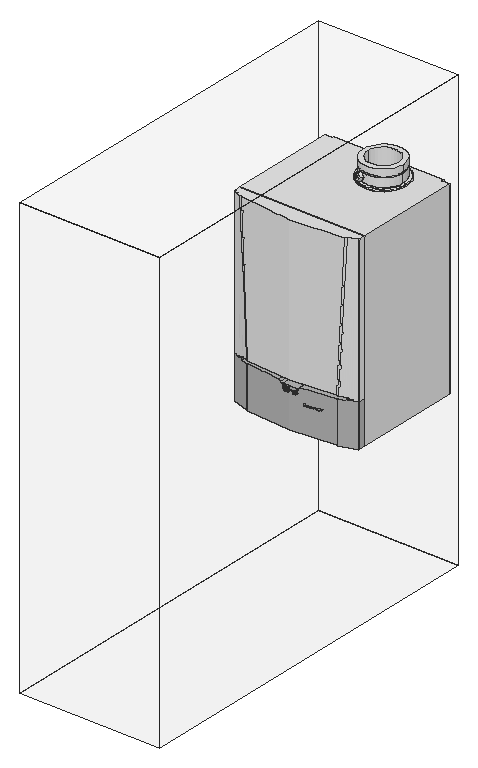
Revit family "Remeha_QuintaPro90_LOD-5", category Mechanical Equipment, Revit 2015
Parameters (values of type "Quinta Pro 90")
  Weekly = "0"
  Water Treatment Required = yes
  Water Content = 9.4 L
  Warranty ID = ""
  Voltage = 230 V
  Uniclass2015 = ""
  URL = "http://www.remeha.co.uk"
  Type Comments = ""
  Type = "Space heating"
  Turndown Ratio = "5.89:1"
  Supply Phase = 1
  Starting Current = 0 A
  Sound Pressure Level = "52 dBA"
  Shipping Weight = 72.00 kg
  Shape = "Rectangular (Vertical)"
  Safety Valve Connection Type = "Unset"
  Safety Valve Connection Size = 0.000 mm
  Responsible Sourcing of Materials = "0"
  Responsible Extraction of Materials = "0"
  Reference Standard = "2009/142EC 92/42EEC"
  Rated Output = 84200 W
  Rated Criteria = "80/60"
  Quarterly = "0"
  Product Range = "Quinta Pro 90"
  Product Model Number = "90554"
  Product Literature = "https://www.remeha.co.uk/en/Products/Wall-Hung-Range/Quinta-Pro"
  Primary Fuel = "Gas - NG"
  Overall Width = 500.000 mm
  Overall Length = 500.000 mm
  Overall Height = 750.000 mm
  Optional Fuel = "Gas - LPG"
  Operation and Maintenance Manual = "https://www.remeha.co.uk/en/Products/Wall-Hung-Range/Quinta-Pro"
  Oil Consumption rate = 0
  Nominal Oil Inlet Pressure = 0.00 bar
  Nominal Gas Inlet Pressure = 0.02 bar
  NOx Emissions = "29 mg/kWh"
  Mounting = "Wall Mounted"
  Monthly = "0"
  Model = "Quinta Pro 90"
  Minimum Power Consumption = 4 W
  Minimum Operating Pressure = 0.80 bar
  Minimum Oil Inlet Pressure = 0.00 bar
  Minimum Gas Inlet Pressure = 0.017 bar
  Minimum Flow Rate at 20C temperature differential = 1.01 L/s
  Minimum Flow Rate at 11C temperature differential = 1.83 L/s
  Maximum Power Consumption = 125 W
  Maximum Operating Pressure = 4.00 bar
  Maximum Oil Inlet Pressure = 0.00 bar
  Maximum Gas Inlet Pressure = 0.025 bar
  Material Ingredient Reporting = "0"
  Manufacturer Website = "http://www.remeha.co.uk/"
  Manufacturer = "Remeha Commercial"  # constant formula
  Maintenance Required 8001 to 12000hrs = "0"
  Maintenance Required 601 to 1000hrs = "0"
  Maintenance Required 4001 to 8000hrs = "0"
  Maintenance Required 301 to 600hrs = "0"
  Maintenance Required 2001 to 4000hrs = "0"
  Maintenance Required 1001 to 2000hrs = "0"
  Maintenance Required 0 to 300hrs = "0"
  Location of Manufacturer = "0"
  Life Cycle Analysis = "0"
  Keynote = "Flue Connection size can vary between 100/150 concentric."
  Interlocks = yes
  IfcExportType = "NOTDEFINED"  # constant formula
  IfcExportAs = "IfcBoilerType"  # constant formula
  IP Rating = "X4D"
  IK Rating = "0"
  Hydraulic Resistance at 20C temperature differential = 0.14 bar
  Hydraulic Resistance at 11C temperature differential = 0.463 bar
  Heater Operation = "Condensing"
  Heat Exchanger Material = "Aluminium"
  Gross Weight = 76.40 kg
  Green Guide for Specification = "0"
  Gas Consumption rate = "9.1 m3/h"
  Fuse Rating = 6.3 A
  Full Load Current = 0 A
  Fuel Connection Type = "Threaded"
  Fuel Connection Size = 20.000 mm
  Frequency = 50 Hz
  Flue or Air Intake Classification = "B23,B23P,B33,C13,C33,C43,C53,C63,C83,C93"
  Flue Connection size = 100.000 mm
  Flow and Return Connection Type = "Threaded"
  Flow and Return Connection Size = 32.000 mm
  Finish = "High Polish Gardner 60 GRAD 91EH"
  Features = "Remeha's Quinta Pro range are compact high efficiency wall hung condensing boilers. Lighter and more efficienct, their small size make them ideally suited to modular arrangments"
  External Material = "Steel"
  Expected Life = "15"
  ErP Seasonal Efficiency = "0 %"
  ErP Rated Efficiency at Part Load = "97.4 %"
  ErP Rated Efficiency at Full Load = "88.2 %"
  ErP Energy Label = "0"
  Environmental Product Declaration = "0"
  Energy Technology List = "https://etl.beis.gov.uk/engetl/fox/live/ETL_PUBLIC_PRODUCT_SEARCH/product?PROD_ID=71700"
  Embodied Carbon = "0"
  Drain Connection Type = "Unset"
  Drain Connection Size = 0.000 mm
  Description = "Condensing Boiler"  # constant formula
  Default Elevation = 0.000 mm  # constant formula
  Daily = "0"
  Control Type = "0 - 10V, Open Therm, Volt free enable, Direct boiler weather compensating control systems available from Remeha as optional extra's."
  Configuration = "Single boiler"
  Condensate Drain Type = "Plain"
  Condensate Drain Size = 32.000 mm
  Colour = "RAL 9016"
  Clearance Box Visibility [instance] = yes
  Classification.Uniclass.Pr.Number [instance] = "Pr_60_60_08_34"
  Classification.Uniclass.Pr.Description [instance] = "Gas fired Condensing Boilers"
  CE Mark = "0063CL3333"
  Burner Control Type = "Modulating"
  Building Regulations Seasonal Efficiency = "95.65 %"
  Bespoke Timeframe = "0"
  BMS Links = yes
  Assembly Code = "D3020100"
  Annually = "As per attached URL O & M Manual"
  Air Inlet Connection Size = 150.000 mm
  Additional Technical Details = "https://www.remeha.co.uk/en/Products/Wall-Hung-Range/Quinta-Pro"
  Access Clearance Top = 400.000 mm
  Access Clearance Right = 30.000 mm
  Access Clearance Rear = 0.000 mm
  Access Clearance Left = 30.000 mm
  Access Clearance Front = 1000.000 mm
  Access Clearance Bottom = 600.000 mm
  6 Monthly = "0"
Reference planes
  plane 1 "Center (Front/Back)": y = 0
  plane 2: z = 0
  plane 3 "Center (Left/Right)": x = 0
  plane 4: x = -250
  plane 5: x = 250
  plane 6: y = 250
  plane 7: y = -250
  plane 8: z = 1364.999
  plane 9: y = -1250
  plane 10: x = -280
  plane 11: x = 280
  plane 12: z = 1764.999
  plane 13: z = 0
  plane 14: z = 608.649
  plane 15: z = 614.999
  plane 16: y = 250
  plane 17: z = 600
Forms (mm)
  Sweep 1, solid, material "Glass - Clear - Amber", visible <- "Clearance Box Visibility"
    path origin (0, 0, 240) x (1, 0, 0) y (0, 0, 1)
      loop
        line (0, 1524.999) -> (0, -240)
    profile origin (0, 0, 882.5) x (0, -1, 0) y (1, 0, 0)
      loop
        line (-250, -280) -> (1250, -280) -> (1250, 280) -> (-250, 280) -> (-250, -280)
Dimensions and locks
  equal spacing: plane 4, plane 3 "Center (Left/Right)", plane 5
  plane 4 to plane 5 = 500.000 mm
  equal spacing: plane 7, plane 1 "Center (Front/Back)", plane 6
  plane 7 to plane 6 = 500.000 mm
  plane 7 to plane 9 = 1000.000 mm
  plane 10 to plane 4 = 30.000 mm
  plane 5 to plane 11 = 30.000 mm
  plane 12 to plane 8 = 400.000 mm
  locked: plane 15 to plane 14 at 6.35
  plane 8 to plane 15 = 750.000 mm
  plane 16 to plane 6 = 0.000 mm
  locked: plane 15 to plane 17 at 14.999
  plane 17 to level = 600.000 mm
  aligned and locked: level to plane 2
  aligned and locked: plane 3 "Center (Left/Right)" to nested 1
  aligned and locked: plane 1 "Center (Front/Back)" to nested 1
  aligned and locked: Sweep 1 sketch curve to plane 3 "Center (Left/Right)"
  aligned and locked: plane 12 to Sweep 1 sketch curve
  aligned and locked: plane 13 to Sweep 1 sketch curve
  aligned and locked: plane 16 to Sweep 1 sketch curve
  aligned and locked: plane 10 to Sweep 1 sketch curve
  aligned and locked: Sweep 1 sketch curve to plane 11
  aligned and locked: plane 9 to Sweep 1 sketch curve
  aligned and locked: plane 8 to nested 1
Nested families
  nested 1: "Quinta-Pro_30-115" at (0, 0, 600), type "Quinta-Pro_30-115"
Connectors
  piping at (23.524, 63.109, 1391.639), diameter 21.83
    settings: on nested 1, index 2, connector inside diameter 21.830 mm, connector length 0.000 mm, flow factor 0, pipe flow 0 L/s, pressure drop 0.00 Pa, fitting loss kfactor 0, connector angle 0.00°, fixture units 0, engagement length 0.000 mm, angle of deflection 0.00°, flow configuration 0, flow direction 2, fitting loss method 0, system type 22, joint type 0, gender type 0, connector reference index -1, connector utility 0, adjustable connector no, is connector primary yes, connector description "Outlet For Measuring Combustion Gases"
  electrical at (250, 100.992, 986.824)
    settings: on nested 1, index 3, voltage 230 V, apparent load 0 VA, apparent load phase1 0 VA, apparent load phase2 0 VA, apparent load phase3 0 VA, power factor 1, load classification "Power", number of poles 1, system type 30, power factor state 1, is connector primary yes, connector utility yes, sub classification motor yes, connector description "Power"
  piping at (-115, 200, 605.931), diameter 31.75
    settings: on nested 1, index 4, connector inside diameter 31.750 mm, connector length 0.000 mm, flow factor 0, pipe flow 0 L/s, pressure drop 0.00 Pa, fitting loss kfactor 0, connector angle 0.00°, fixture units 0, engagement length 0.000 mm, angle of deflection 0.00°, flow configuration 0, flow direction 2, fitting loss method 0, system type 19, joint type 0, gender type 0, connector reference index -1, connector utility 1, adjustable connector no, is connector primary no, connector description "Heating Circuit Return"
  piping at (59, 200, 605.931), diameter 19
    settings: on nested 1, index 5, connector inside diameter 19.000 mm, connector length 0.000 mm, flow factor 0, pipe flow 0 L/s, pressure drop 0.00 Pa, fitting loss kfactor 0, connector angle 0.00°, fixture units 0, engagement length 0.000 mm, angle of deflection 0.00°, flow configuration 0, flow direction 2, fitting loss method 0, system type 16, joint type 0, gender type 0, connector reference index -1, connector utility 1, adjustable connector no, is connector primary no, connector description "Siphon Connection Bush"
  piping at (120, 200, 605.931), diameter 31.75
    settings: on nested 1, index 6, connector inside diameter 31.750 mm, connector length 0.000 mm, flow factor 0, pipe flow 0 L/s, pressure drop 0.00 Pa, fitting loss kfactor 0, connector angle 0.00°, fixture units 0, engagement length 0.000 mm, angle of deflection 0.00°, flow configuration 0, flow direction 1, fitting loss method 0, system type 7, joint type 0, gender type 0, connector reference index -1, connector utility 1, adjustable connector no, is connector primary no, connector description "Heating Circuit Flow"
  piping at (200, 200, 605.931), diameter 19
    settings: on nested 1, index 7, connector inside diameter 19.000 mm, connector length 0.000 mm, flow factor 0, pipe flow 0 L/s, pressure drop 0.00 Pa, fitting loss kfactor 0, connector angle 0.00°, fixture units 0, engagement length 0.000 mm, angle of deflection 0.00°, flow configuration 0, flow direction 1, fitting loss method 0, system type 22, joint type 0, gender type 0, connector reference index -1, connector utility 1, adjustable connector no, is connector primary no, connector description "Gas Connection"
  hvac at (59, 150, 1437.229)
    settings: on nested 1, index 8, duct flow 0 m³/h, flow factor 0, pres drop 0.00 bar, loss coef 0, conn angle 0.00°, conn width 12", conn height 12", conn diameter 6.29921", duct sys type 1, conn prof type 0, flow config 0, flow direction 1, loss method 0, conn ref index -1, conn util yes, is conn primary yes, conn desc "Air Intake Connection"
Definition of nested family "Quinta-Pro_30-115"
  Parameters
    Voltage = 230000 V  # constant formula
    URL = "http://www.remeha.co.uk"
    Type Comments = ""
    Text Material = none
    Siphon Connection Bush Offset = 191.000 mm  # constant formula
    Power Factor = 1
    Number of Poles = 1
    Model = "Quinta Pro"  # constant formula
    Manufacturer = ""
    Logo = none
    Load Sub-Classification Motor = yes
    Load Classification = none
    Keynote = ""
    Heating Circuit Return Offset = 365.000 mm  # constant formula
    Heating Circuit Return Connection Size = 31.750 mm  # constant formula
    Heating Circuit Return Connection Radius = Heating Circuit Return Connection Size / 2  # 15.875 mm
    Heating Circuit Flow Connection Size = 31.750 mm  # constant formula
    Heating Circuit Flow Offset = 130.000 mm  # constant formula
    Heating Circuit Flow Connection Radius = Heating Circuit Flow Connection Size / 2  # 15.875 mm
    Gas Connection Size = 19.050 mm  # constant formula
    Gas Connection Radius = Gas Connection Size / 2  # 9.525 mm
    Gas Connection Offset = 50.000 mm  # constant formula
    Description = "Wall-Hung Gas Condensing Boilers"  # constant formula
    Default Elevation = 1219.200 mm
    Cost = 0
    Combustion Gas Exhaust Pipe Size = 80.000 mm  # constant formula
    Combustion Gas Exhaust Pipe Radius = Combustion Gas Exhaust Pipe Size / 2  # 40.000 mm
    Casing = none
    Flue Gas Outlet Offset = 191.000 mm  # constant formula
    Instrument Box Panel = none
    Bolier Height = 750.000 mm  # constant formula
    Boiler Width = 500.000 mm  # constant formula
    Boiler Depth = 500.000 mm  # constant formula
    Assembly Code = ""
    Apparent Load = 0 VA
  Reference planes
    plane 1 "Center (Front/Back)": y = 0
    plane 2: z = 0
    plane 3 "Center (Left/Right)": x = 0
    plane 4 "Left": x = -250
    plane 5 "Right": x = 250
    plane 6 "Back": y = 250
    plane 7 "Front": y = -250
    plane 8: z = 764.999
    plane 9: z = 389.999
    plane 10: x = 59
    plane 11: y = -182.5
    plane 12: y = 244.5
    plane 13: z = 8.649
    plane 14: y = 150
    plane 15: z = 777.088
    plane 16: z = 758.649
    plane 17: z = 14.999
    plane 18: y = -148.4
    plane 19: x = -199.2
    plane 20: x = 199.2
    plane 21 "Gas Connection": x = 200
    plane 22 "Heating Circuit Flow": x = 120
    plane 23 "Siphon Connection Bush": x = 59
    plane 24 "Heating Circuit Return": x = -115
    plane 25 "Connection Center": y = 200
    plane 26: y = 91.011
    plane 27: y = 72.791
    plane 28: y = 70
  Forms (mm)
    Extrusion 1, solid, material <- "Casing"
      sketch origin (0, 0, 0) x (1, 0, 0) y (0, 1, 0)
        loop
          arc (250, 242.738) -> (249.484, 243.984) -> (248.238, 244.5) r 1.762
          line (248.238, 244.5) -> (220, 244.5) -> (220, 250) -> (-220, 250) -> (-220, 244.5) -> (-248.238, 244.5)
          arc (-248.238, 244.5) -> (-249.484, 243.984) -> (-250, 242.738) r 1.762
          line (-250, 242.738) -> (-250, -182.5) -> (-235, -182.5) -> (-235, 229.5) -> (-219, 229.5) -> (-219, 249) -> (219, 249) -> (219, 229.5) -> (235, 229.5) -> (235, -182.5) -> (250, -182.5) -> (250, 242.738)
      from 8.649 to 764.999
    Extrusion 2, solid, material <- "Casing"
      sketch origin (0, 0, 0) x (0, 1, 0) y (0, 0, 1)
        loop
          line (-99.375, 8.649) -> (-97.367, 6.256)
          arc (-97.367, 6.256) -> (-97.054, 6.016) -> (-96.67, 5.931) r 0.911
          line (-96.67, 5.931) -> (-76.196, 5.931) -> (-76.196, 0) -> (150, 0) -> (150, 8.649) -> (-99.375, 8.649)
      from -199.2 to 199.2
    Blend 3, solid, material <- "Instrument Box Panel"
      base sketch origin (0, 0, 0) x (1, 0, 0) y (0, 1, 0)
        loop
          arc (-250, -182.5) -> (-249.823, -195.637) -> (-249.594, -208.773) r 3295.839
          arc (-249.594, -208.773) -> (-249.292, -209.77) -> (-248.514, -210.463) r 1.923
          line (-248.514, -210.463) -> (-183.427, -232.262)
          arc (-183.427, -232.262) -> (-180.168, -233.196) -> (-176.84, -233.842) r 38.644
          arc (-176.84, -233.842) -> (0, -246.921) -> (176.84, -233.842) r 1202.062
          arc (176.84, -233.842) -> (180.168, -233.196) -> (183.427, -232.262) r 38.644
          line (183.427, -232.262) -> (248.514, -210.463)
          arc (248.514, -210.463) -> (249.292, -209.77) -> (249.594, -208.773) r 1.923
          arc (249.594, -208.773) -> (249.823, -195.637) -> (250, -182.5) r 3295.839
          line (250, -182.5) -> (-250, -182.5)
      top sketch origin (0, 0, 0) x (1, 0, 0) y (0, 1, 0)
        loop
          arc (-250, -182.5) -> (-249.823, -195.637) -> (-249.594, -208.773) r 3295.839
          arc (-249.594, -208.773) -> (-249.292, -209.77) -> (-248.514, -210.463) r 1.923
          line (-248.514, -210.463) -> (-183.427, -232.262)
          arc (-183.427, -232.262) -> (-180.168, -233.196) -> (-176.84, -233.842) r 38.644
          arc (-176.84, -233.842) -> (0, -246.921) -> (176.84, -233.842) r 1202.062
          arc (176.84, -233.842) -> (180.168, -233.196) -> (183.427, -232.262) r 38.644
          line (183.427, -232.262) -> (248.514, -210.463)
          arc (248.514, -210.463) -> (249.292, -209.77) -> (249.594, -208.773) r 1.923
          arc (249.594, -208.773) -> (249.823, -195.637) -> (250, -182.5) r 3295.839
          line (250, -182.5) -> (-250, -182.5)
      from 8.649 to 180.024
    Revolve 4, solid, material <- "Casing"
      sketch origin (-1.562, 19.372, 801.736) x (1, 0, 0) y (0, 0.97437, -0.224951)
        loop
          line (27.988, 75.935) -> (18.374, 55.317) -> (27.882, 50.883) -> (37.497, 71.501) -> (27.988, 75.935)
        loop
          line (17.023, 60.343) -> (12.543, 50.737) -> (24.634, 45.099) -> (25.144, 46.194) -> (13.507, 51.621) -> (17.264, 59.679) -> (18.196, 59.244) -> (17.091, 56.875) -> (17.881, 56.507) -> (19.197, 59.329) -> (17.023, 60.343)
        axis (25.087, 44.888) -> (37.497, 71.501)
      angle from 0 to 360
    Revolve 5, solid, material <- "Casing"
      sketch origin (0, 49.595, 777.088) x (0, -1, 0) y (1, 0, 0)
        loop
          arc (-105.594, 135.171) -> (-103.001, 135.318) -> (-100.405, 135.378) r 77.22
          line (-100.405, 135.378) -> (-100.405, 137.388)
          arc (-100.405, 137.388) -> (-103.302, 137.334) -> (-106.196, 137.174) r 78.405
          arc (-106.196, 137.174) -> (-106.609, 135.957) -> (-105.594, 135.171) r 1.106
        axis (-100.405, 135.171) -> (-100.405, 137.388)
      angle from 0 to 360
    Extrusion 6, solid, material <- "Casing"
      sketch origin (0, 49.595, 777.088) x (0, -1, 0) y (1, 0, 0)
        loop
          line (-194.905, -220) -> (-194.905, -248.238)
          arc (-194.905, -248.238) -> (-194.388, -249.484) -> (-193.143, -250) r 1.762
          line (-193.143, -250) -> (232.095, -250) -> (232.095, 250) -> (-193.142, 250)
          arc (-193.142, 250) -> (-194.388, 249.484) -> (-194.905, 248.238) r 1.762
          line (-194.905, 248.238) -> (-194.905, 220) -> (-200.405, 220) -> (-200.405, -220) -> (-194.905, -220)
        loop
          circle (-100.405, 59) r 59
      from -12.088 to -18.438
    Extrusion 7, solid, material <- "Casing"
      sketch origin (0, 49.595, 777.088) x (0, -1, 0) y (1, 0, 0)
        loop
          line (232.095, 250) -> (-193.142, 250)
          arc (-193.142, 250) -> (-194.388, 249.484) -> (-194.905, 248.238) r 1.762
          line (-194.905, 248.238) -> (-194.905, 220) -> (-200.405, 220) -> (-200.405, -220) -> (-194.905, -220) -> (-194.905, -248.238)
          arc (-194.905, -248.238) -> (-194.388, -249.484) -> (-193.143, -250) r 1.762
          line (-193.143, -250) -> (232.095, -250) -> (232.095, 250)
      from -768.438 to -762.088
    Sweep 8, solid, material <- "Casing"
      path origin (-1074.8, -4572, 764.999) x (-1, 0, 0) y (0, -1, 0)
        loop
          circle (-1133.8, -4722) r 91.016
      profile "Outlet Pipe Profile : Outlet Pipe Profile" origin (59, 58.984, 764.999) x (0, 1, 0) y (0, 0, 1)
        loop
          line (11.016, 72.23) -> (11.016, 44.43)
          arc (11.016, 44.43) -> (11.135, 44.047) -> (11.449, 43.797) r 0.68
          arc (11.449, 43.797) -> (11.914, 43.426) -> (12.086, 42.857) r 1
          line (12.086, 42.857) -> (11.774, 7.107)
          arc (11.774, 7.107) -> (11.52, 6.45) -> (10.896, 6.123) r 1
          line (10.896, 6.123) -> (-0.284, 4.75)
          arc (-0.284, 4.75) -> (-1.366, 4.263) -> (-1.981, 3.249) r 2
          line (-1.981, 3.249) -> (-2.791, 0) -> (29.236, 0) -> (29.236, 72.23) -> (11.016, 72.23)
    Revolve 9, solid, material <- "Casing"
      sketch origin (-57.453, 150.893, 777.088) x (-0.866025, -0.5, 0) y (0.5, -0.866025, 0)
        loop
          arc (-105.594, 135.171) -> (-103.001, 135.318) -> (-100.405, 135.378) r 77.22
          line (-100.405, 135.378) -> (-100.405, 137.388)
          arc (-100.405, 137.388) -> (-103.302, 137.334) -> (-106.196, 137.174) r 78.405
          arc (-106.196, 137.174) -> (-106.609, 135.957) -> (-105.594, 135.171) r 1.106
        axis (-100.405, 135.171) -> (-100.405, 137.388)
      angle from 0 to 360
    Revolve 10, solid, material <- "Casing"
      sketch origin (118, 250.405, 777.088) x (0, 1, 0) y (-1, 0, 0)
        loop
          arc (-105.594, 135.171) -> (-103.001, 135.318) -> (-100.405, 135.378) r 77.22
          line (-100.405, 135.378) -> (-100.405, 137.388)
          arc (-100.405, 137.388) -> (-103.302, 137.334) -> (-106.196, 137.174) r 78.405
          arc (-106.196, 137.174) -> (-106.609, 135.957) -> (-105.594, 135.171) r 1.106
        axis (-100.405, 135.171) -> (-100.405, 137.388)
      angle from 0 to 360
    Revolve 11, solid, material <- "Casing"
      sketch origin (175.453, 149.107, 777.088) x (0.866025, 0.5, 0) y (-0.5, 0.866025, 0)
        loop
          arc (-105.594, 135.171) -> (-103.001, 135.318) -> (-100.405, 135.378) r 77.22
          line (-100.405, 135.378) -> (-100.405, 137.388)
          arc (-100.405, 137.388) -> (-103.302, 137.334) -> (-106.196, 137.174) r 78.405
          arc (-106.196, 137.174) -> (-106.609, 135.957) -> (-105.594, 135.171) r 1.106
        axis (-100.405, 135.171) -> (-100.405, 137.388)
      angle from 0 to 360
    Revolve 12, solid, material <- "Casing"
      sketch origin (116.453, 48.702, 777.088) x (0.866025, -0.5, 0) y (0.5, 0.866025, 0)
        loop
          arc (-105.594, 135.171) -> (-103.001, 135.318) -> (-100.405, 135.378) r 77.22
          line (-100.405, 135.378) -> (-100.405, 137.388)
          arc (-100.405, 137.388) -> (-103.302, 137.334) -> (-106.196, 137.174) r 78.405
          arc (-106.196, 137.174) -> (-106.609, 135.957) -> (-105.594, 135.171) r 1.106
        axis (-100.405, 135.171) -> (-100.405, 137.388)
      angle from 0 to 360
    Extrusion 13, void
      sketch origin (-370.964, 150, 1219.2) x (1, 0, 0) y (0, 0, 1)
        loop
          line (159.87, -1041.919) -> (159.874, -1043.636) -> (325.964, -1043.636) -> (332.924, -1050.597)
          arc (332.924, -1050.597) -> (336.963, -1053.295) -> (341.726, -1054.243) r 12.447
          line (341.726, -1054.243) -> (400.201, -1054.243)
          arc (400.201, -1054.243) -> (404.965, -1053.295) -> (409.003, -1050.597) r 12.447
          line (409.003, -1050.597) -> (415.964, -1043.636) -> (582.054, -1043.636) -> (582.058, -1041.919)
          arc (582.058, -1041.919) -> (581.902, -1041.443) -> (581.493, -1041.154) r 0.798
          line (581.493, -1041.154) -> (604.317, -1039.176) -> (604.317, -1037.752)
          arc (604.317, -1037.752) -> (604.184, -1037.349) -> (603.838, -1037.105) r 0.676
          line (603.838, -1037.105) -> (581.08, -1030.147) -> (160.847, -1030.147) -> (138.089, -1037.105)
          arc (138.089, -1037.105) -> (137.743, -1037.349) -> (137.611, -1037.752) r 0.676
          line (137.611, -1037.752) -> (137.611, -1039.176) -> (160.434, -1041.154)
          arc (160.434, -1041.154) -> (160.026, -1041.443) -> (159.87, -1041.919) r 0.798
      from 360.463 to 398.389
    Blend 14, solid, material <- "Casing"
      base sketch origin (0, 0, 0) x (1, 0, 0) y (0, 1, 0)
        loop
          arc (-250, -182.5) -> (-249.823, -195.637) -> (-249.594, -208.773) r 3295.839
          arc (-249.594, -208.773) -> (-249.292, -209.77) -> (-248.514, -210.463) r 1.923
          line (-248.514, -210.463) -> (-183.427, -232.262)
          arc (-183.427, -232.262) -> (-180.168, -233.196) -> (-176.84, -233.842) r 38.644
          arc (-176.84, -233.842) -> (0, -246.921) -> (176.84, -233.842) r 1202.062
          arc (176.84, -233.842) -> (180.168, -233.196) -> (183.427, -232.262) r 38.644
          line (183.427, -232.262) -> (248.514, -210.463)
          arc (248.514, -210.463) -> (249.292, -209.77) -> (249.594, -208.773) r 1.923
          arc (249.594, -208.773) -> (249.823, -195.637) -> (250, -182.5) r 3295.839
          line (250, -182.5) -> (-250, -182.5)
      top sketch origin (0, 0, 0) x (1, 0, 0) y (0, 1, 0)
        loop
          arc (-250, -182.5) -> (-249.823, -195.637) -> (-249.594, -208.773) r 3295.839
          arc (-249.594, -208.773) -> (-249.292, -209.77) -> (-248.514, -210.463) r 1.923
          line (-248.514, -210.463) -> (-217.493, -225.594)
          arc (-217.493, -225.594) -> (-212.47, -227.621) -> (-207.214, -228.926) r 38.644
          arc (-207.214, -228.926) -> (0, -246.921) -> (207.214, -228.926) r 1202.062
          arc (207.214, -228.926) -> (212.47, -227.621) -> (217.493, -225.594) r 38.644
          line (217.493, -225.594) -> (248.514, -210.463)
          arc (248.514, -210.463) -> (249.292, -209.77) -> (249.594, -208.773) r 1.923
          arc (249.594, -208.773) -> (249.823, -195.637) -> (250, -182.5) r 3295.839
          line (250, -182.5) -> (-250, -182.5)
      from 180.024 to 764.999
    Extrusion 15, solid, material <- "Casing"
      sketch origin (0, -175, 8.649) x (0, 1, 0) y (-1, 0, 0)
        loop
          circle (375, -200) r 9.525
        loop
          circle (375, -120) r 15.875
        loop
          circle (375, -59) r 9.5
        loop
          circle (375, 115) r 15.875
      from 0 to -2.718
    Extrusion 16, solid, material <- "Text Material"
      sketch origin (-370.964, 150, 1219.2) x (-1, 0, 0) y (0, 0, 1)
        loop
          line (-342.331, -1057.834) -> (-403.581, -1057.834) -> (-403.581, -1060.015) -> (-342.331, -1060.015) -> (-342.331, -1057.834)
        loop
          line (-342.331, -1072.197) -> (-342.331, -1070.015) -> (-403.581, -1070.015) -> (-403.581, -1072.197) -> (-342.331, -1072.197)
        loop
          line (-344.649, -1061.552) -> (-352.151, -1061.552) -> (-354.676, -1061.552)
          arc (-354.676, -1061.552) -> (-356.633, -1063.194) -> (-355.355, -1065.407) r 1.987
          arc (-355.355, -1065.407) -> (-356.071, -1065.96) -> (-356.338, -1066.825) r 1.5
          arc (-356.338, -1066.825) -> (-356.395, -1067.893) -> (-356.58, -1068.947) r 8.915
          line (-356.58, -1068.947) -> (-355.124, -1068.947)
          arc (-355.124, -1068.947) -> (-354.873, -1068.071) -> (-354.873, -1067.161) r 3.272
          arc (-354.873, -1067.161) -> (-354.642, -1066.382) -> (-353.903, -1066.045) r 0.979
          line (-353.903, -1066.045) -> (-352.151, -1066.045) -> (-352.151, -1068.947) -> (-344.649, -1068.947) -> (-344.649, -1061.552)
        loop
          line (-352.151, -1062.826) -> (-353.98, -1062.826)
          arc (-353.98, -1062.826) -> (-354.451, -1062.953) -> (-354.797, -1063.298) r 0.944
          arc (-354.797, -1063.298) -> (-354.923, -1063.803) -> (-354.808, -1064.311) r 1.124
          arc (-354.808, -1064.311) -> (-354.586, -1064.695) -> (-354.169, -1064.847) r 0.649
          line (-354.169, -1064.847) -> (-352.151, -1064.847) -> (-352.151, -1062.826)
        loop
          line (-346.008, -1062.826) -> (-350.754, -1062.826) -> (-350.754, -1067.573) -> (-346.008, -1067.573) -> (-346.008, -1062.826)
        loop
          line (-363.888, -1063.475) -> (-363.888, -1064.438)
          arc (-363.888, -1064.438) -> (-364.73, -1063.506) -> (-365.976, -1063.339) r 1.823
          line (-365.976, -1063.339) -> (-365.976, -1064.913)
          arc (-365.976, -1064.913) -> (-365.498, -1064.732) -> (-364.988, -1064.75) r 1.291
          arc (-364.988, -1064.75) -> (-364.275, -1065.207) -> (-363.998, -1066.006) r 1.291
          line (-363.998, -1066.006) -> (-363.998, -1068.947) -> (-362.486, -1068.947) -> (-362.486, -1063.475) -> (-363.888, -1063.475)
        loop
          arc (-367.817, -1066.524) -> (-368.732, -1067.935) -> (-370.252, -1067.213) r 1.276
          line (-370.252, -1067.213) -> (-371.562, -1067.213)
          arc (-371.562, -1067.213) -> (-368.726, -1069.037) -> (-366.394, -1066.602) r 2.651
          arc (-366.394, -1066.602) -> (-368.989, -1063.348) -> (-371.679, -1066.524) r 2.694
          line (-371.679, -1066.524) -> (-367.817, -1066.524)
        loop
          arc (-367.809, -1065.608) -> (-369.029, -1064.388) -> (-370.249, -1065.608) r 1.22
          line (-370.249, -1065.608) -> (-367.809, -1065.608)
        loop
          arc (-374.293, -1064.241) -> (-375.879, -1063.292) -> (-377.494, -1064.191) r 1.848
          arc (-377.494, -1064.191) -> (-379.18, -1063.309) -> (-380.866, -1064.191) r 2.053
          arc (-380.866, -1064.191) -> (-381.087, -1064.726) -> (-381.063, -1065.304) r 1.349
          line (-381.063, -1065.304) -> (-381.063, -1068.84) -> (-379.621, -1068.84) -> (-379.621, -1065.41)
          arc (-379.621, -1065.41) -> (-378.679, -1064.468) -> (-377.737, -1065.41) r 0.942
          line (-377.737, -1065.41) -> (-377.737, -1068.84) -> (-376.274, -1068.84) -> (-376.274, -1065.41)
          arc (-376.274, -1065.41) -> (-375.313, -1064.449) -> (-374.352, -1065.41) r 0.961
          line (-374.352, -1065.41) -> (-374.352, -1068.84) -> (-372.89, -1068.84) -> (-372.89, -1063.452) -> (-374.293, -1063.452) -> (-374.293, -1064.241)
        loop
          arc (-383.791, -1066.524) -> (-384.707, -1067.935) -> (-386.227, -1067.213) r 1.276
          line (-386.227, -1067.213) -> (-387.536, -1067.213)
          arc (-387.536, -1067.213) -> (-384.701, -1069.037) -> (-382.369, -1066.602) r 2.651
          arc (-382.369, -1066.602) -> (-384.963, -1063.348) -> (-387.653, -1066.524) r 2.694
          line (-387.653, -1066.524) -> (-383.791, -1066.524)
        loop
          arc (-383.783, -1065.608) -> (-385.004, -1064.388) -> (-386.224, -1065.608) r 1.22
          line (-386.224, -1065.608) -> (-383.783, -1065.608)
        loop
          line (-390.32, -1061.424) -> (-390.32, -1064.191)
          arc (-390.32, -1064.191) -> (-392.472, -1063.299) -> (-393.89, -1065.147) r 1.913
          line (-393.89, -1065.147) -> (-393.89, -1068.812) -> (-392.364, -1068.812) -> (-392.364, -1065.608)
          arc (-392.364, -1065.608) -> (-391.342, -1064.35) -> (-390.32, -1065.608) r 1.044
          line (-390.32, -1065.608) -> (-390.32, -1068.812) -> (-388.777, -1068.812) -> (-388.777, -1061.424) -> (-390.32, -1061.424)
        loop
          arc (-395.198, -1065.135) -> (-395.629, -1064.048) -> (-396.628, -1063.441) r 1.837
          arc (-396.628, -1063.441) -> (-397.729, -1063.318) -> (-398.83, -1063.441) r 4.994
          arc (-398.83, -1063.441) -> (-399.692, -1063.798) -> (-400.049, -1064.66) r 1.219
          line (-400.049, -1064.66) -> (-400.049, -1067.716)
          arc (-400.049, -1067.716) -> (-400.104, -1068.28) -> (-400.268, -1068.822) r 2.901
          line (-400.268, -1068.822) -> (-398.797, -1068.822)
          arc (-398.797, -1068.822) -> (-398.678, -1068.434) -> (-398.629, -1068.031) r 2.328
          arc (-398.629, -1068.031) -> (-398.182, -1068.683) -> (-397.433, -1068.932) r 1.24
          arc (-397.433, -1068.932) -> (-396.412, -1068.917) -> (-395.463, -1068.538) r 2.817
          arc (-395.463, -1068.538) -> (-395.003, -1067.474) -> (-395.346, -1066.367) r 1.672
          arc (-395.346, -1066.367) -> (-395.966, -1065.869) -> (-396.746, -1065.714) r 1.672
          arc (-396.746, -1065.714) -> (-397.542, -1065.655) -> (-398.303, -1065.412) r 3.395
          arc (-398.303, -1065.412) -> (-398.628, -1064.854) -> (-398.211, -1064.361) r 0.559
          arc (-398.211, -1064.361) -> (-397.737, -1064.306) -> (-397.267, -1064.382) r 1.739
          arc (-397.267, -1064.382) -> (-396.839, -1064.654) -> (-396.678, -1065.135) r 0.76
          line (-396.678, -1065.135) -> (-395.198, -1065.135)
        loop
          arc (-396.531, -1067) -> (-396.984, -1066.531) -> (-397.628, -1066.428) r 1.029
          arc (-397.628, -1066.428) -> (-398.165, -1066.368) -> (-398.593, -1066.038) r 0.999
          line (-398.593, -1066.038) -> (-398.593, -1066.824)
          arc (-398.593, -1066.824) -> (-398.389, -1067.474) -> (-397.851, -1067.892) r 1.14
          arc (-397.851, -1067.892) -> (-397.344, -1067.974) -> (-396.844, -1067.857) r 1.324
          arc (-396.844, -1067.857) -> (-396.539, -1067.483) -> (-396.531, -1067) r 0.737
        loop
          line (-390.34, -1072.933) -> (-392.947, -1072.933)
          arc (-392.947, -1072.933) -> (-393.771, -1073.274) -> (-394.112, -1074.098) r 1.165
          line (-394.112, -1074.098) -> (-394.112, -1075.495)
          arc (-394.112, -1075.495) -> (-393.771, -1076.319) -> (-392.947, -1076.661) r 1.165
          line (-392.947, -1076.661) -> (-390.34, -1076.661)
          arc (-390.34, -1076.661) -> (-389.516, -1076.319) -> (-389.175, -1075.495) r 1.165
          line (-389.175, -1075.495) -> (-389.175, -1074.098)
          arc (-389.175, -1074.098) -> (-389.516, -1073.274) -> (-390.34, -1072.933) r 1.165
        loop
          arc (-392.489, -1073.839) -> (-392.85, -1073.989) -> (-393, -1074.35) r 0.51
          line (-393, -1074.35) -> (-393, -1075.243)
          arc (-393, -1075.243) -> (-392.85, -1075.604) -> (-392.489, -1075.754) r 0.511
          line (-392.489, -1075.754) -> (-390.798, -1075.754)
          arc (-390.798, -1075.754) -> (-390.437, -1075.604) -> (-390.287, -1075.243) r 0.511
          line (-390.287, -1075.243) -> (-390.287, -1074.35)
          arc (-390.287, -1074.35) -> (-390.437, -1073.989) -> (-390.798, -1073.839) r 0.511
          line (-390.798, -1073.839) -> (-392.489, -1073.839)
        loop
          line (-383.933, -1076.693) -> (-383.933, -1072.968) -> (-387.353, -1072.968)
          arc (-387.353, -1072.968) -> (-388.512, -1073.939) -> (-387.758, -1075.249) r 1.177
          arc (-387.758, -1075.249) -> (-388.243, -1075.407) -> (-388.451, -1075.873) r 0.627
          line (-388.451, -1075.873) -> (-388.451, -1076.693) -> (-387.316, -1076.693)
          arc (-387.316, -1076.693) -> (-387.271, -1076.153) -> (-386.939, -1075.726) r 0.953
          line (-386.939, -1075.726) -> (-385.067, -1075.726) -> (-385.067, -1076.693) -> (-383.933, -1076.693)
        loop
          line (-382.278, -1075.757) -> (-380.024, -1075.761) -> (-380.024, -1076.693) -> (-378.889, -1076.693) -> (-378.889, -1072.968) -> (-382.034, -1072.968)
          arc (-382.034, -1072.968) -> (-383.314, -1074.261) -> (-382.278, -1075.757) r 1.424
        loop
          arc (-381.688, -1073.894) -> (-382.159, -1074.318) -> (-381.787, -1074.83) r 0.473
          line (-381.787, -1074.83) -> (-380.024, -1074.83) -> (-380.024, -1073.894) -> (-381.688, -1073.894)
        loop
          arc (-386.898, -1073.863) -> (-387.369, -1074.287) -> (-386.997, -1074.8) r 0.473
          line (-386.997, -1074.8) -> (-385.067, -1074.8) -> (-385.067, -1073.863) -> (-386.898, -1073.863)
        loop
          line (-348.863, -1072.873) -> (-351.681, -1072.873)
          arc (-351.681, -1072.873) -> (-352.114, -1073.053) -> (-352.294, -1073.487) r 0.613
          line (-352.294, -1073.487) -> (-352.294, -1076.693) -> (-352.696, -1077.424) -> (-351.887, -1077.869) -> (-351.332, -1076.859) -> (-348.863, -1076.859)
          arc (-348.863, -1076.859) -> (-348.43, -1076.679) -> (-348.25, -1076.246) r 0.613
          line (-348.25, -1076.246) -> (-348.25, -1073.487)
          arc (-348.25, -1073.487) -> (-348.43, -1073.053) -> (-348.863, -1072.873) r 0.613
        loop
          line (-349.596, -1073.56) -> (-350.928, -1073.56)
          arc (-350.928, -1073.56) -> (-351.361, -1073.74) -> (-351.541, -1074.173) r 0.613
          line (-351.541, -1074.173) -> (-351.541, -1075.505)
          arc (-351.541, -1075.505) -> (-351.361, -1075.939) -> (-350.928, -1076.119) r 0.613
          line (-350.928, -1076.119) -> (-349.596, -1076.119)
          arc (-349.596, -1076.119) -> (-349.163, -1075.939) -> (-348.983, -1075.505) r 0.613
          line (-348.983, -1075.505) -> (-348.983, -1074.173)
          arc (-348.983, -1074.173) -> (-349.163, -1073.74) -> (-349.596, -1073.56) r 0.613
        loop
          line (-352.637, -1076.246) -> (-352.637, -1072.873) -> (-353.584, -1072.873) -> (-353.584, -1075.505)
          arc (-353.584, -1075.505) -> (-353.764, -1075.939) -> (-354.197, -1076.119) r 0.613
          line (-354.197, -1076.119) -> (-355.444, -1076.119)
          arc (-355.444, -1076.119) -> (-355.878, -1075.939) -> (-356.058, -1075.505) r 0.613
          line (-356.058, -1075.505) -> (-356.058, -1072.873) -> (-357.005, -1072.873) -> (-357.005, -1076.246)
          arc (-357.005, -1076.246) -> (-356.825, -1076.679) -> (-356.392, -1076.859) r 0.613
          line (-356.392, -1076.859) -> (-353.25, -1076.859)
          arc (-353.25, -1076.859) -> (-352.816, -1076.679) -> (-352.637, -1076.246) r 0.613
        loop
          line (-363.018, -1073.016) -> (-364.262, -1073.016) -> (-365.547, -1075.773) -> (-365.547, -1073.016) -> (-366.389, -1073.016) -> (-366.389, -1076.693) -> (-365.145, -1076.693) -> (-363.86, -1073.936) -> (-363.86, -1076.693) -> (-363.018, -1076.693) -> (-363.018, -1073.016)
        loop
          line (-369.482, -1073.894) -> (-369.482, -1076.693) -> (-368.56, -1076.693) -> (-368.56, -1073.894) -> (-367.098, -1073.894) -> (-367.098, -1073.016) -> (-370.943, -1073.016) -> (-370.943, -1073.894) -> (-369.482, -1073.894)
        loop
          line (-372.501, -1073.016) -> (-373.969, -1073.016) -> (-376.077, -1076.693) -> (-374.736, -1076.693) -> (-374.336, -1075.939) -> (-372.149, -1075.939) -> (-371.75, -1076.693) -> (-370.511, -1076.693) -> (-372.501, -1073.016)
        loop
          line (-373.233, -1073.869) -> (-373.964, -1075.25) -> (-372.521, -1075.25) -> (-373.233, -1073.869)
        loop
          line (-359.238, -1073.016) -> (-360.706, -1073.016) -> (-362.727, -1076.693) -> (-361.473, -1076.693) -> (-361.073, -1075.939) -> (-358.886, -1075.939) -> (-358.487, -1076.693) -> (-357.248, -1076.693) -> (-359.238, -1073.016)
        loop
          line (-359.97, -1073.869) -> (-360.701, -1075.25) -> (-359.258, -1075.25) -> (-359.97, -1073.869)
      from -397.001 to -396.22
    Extrusion 17, void
      sketch origin (-15.767, -4.221, 0) x (0.997905, 0.0647, 0) y (0, 0, 1)
        loop
          line (57.292, 120.239) -> (57.292, 115.239) -> (117.292, 115.239) -> (127.292, 120.239) -> (57.292, 120.239)
      from 244.079 to 247.336
  Cuts and joins
    Extrusion 13, Extrusion 17 cuts Extrusion 1
    Extrusion 13, Extrusion 17 cuts Extrusion 6
    Extrusion 13, Extrusion 17 cuts Extrusion 7
    joined: Extrusion 1, Extrusion 6, Extrusion 7
    joined: Revolve 4, Revolve 5, Sweep 8
    Extrusion 13, Extrusion 17 cuts Blend 3
    Extrusion 13 cuts Blend 14
  Dimensions and locks
    equal spacing: plane 4 "Left", plane 3 "Center (Left/Right)", plane 5 "Right"
    "Boiler Width": plane 4 "Left" to plane 5 "Right"
    equal spacing: plane 6 "Back", plane 1 "Center (Front/Back)", plane 7 "Front"
    "Boiler Depth": plane 6 "Back" to plane 7 "Front"
    "Flue Gas Outlet Offset": plane 10 to plane 5 "Right"
    plane 8 to plane 2 = 764.999 mm
    locked: plane 11 to plane 7 "Front" at 67.5
    locked: plane 6 "Back" to plane 12 at 5.5
    locked: plane 4 "Left" to Extrusion 1 sketch curve at 30
    locked: Extrusion 1 sketch curve to plane 5 "Right" at 30
    locked: plane 7 "Front" to Extrusion 2 sketch curve at 173.804
    locked: Extrusion 2 sketch curve to level at 5.931
    locked: plane 13 to level at 8.649
    locked: plane 6 "Back" to plane 14 at 100
    locked: plane 4 "Left" to Extrusion 1 sketch curve at 15
    locked: Extrusion 1 sketch curve to plane 5 "Right" at 15
    locked: plane 8 to plane 16 at 6.35
    equal spacing: plane 8, plane 9, plane 17
    "Bolier Height": plane 8 to plane 17
    plane 17 to level = 14.999 mm
    locked: plane 18 to plane 7 "Front" at 101.6
    locked: plane 4 "Left" to plane 19 at 50.8
    locked: plane 20 to plane 5 "Right" at 50.8
    "Gas Connection Offset": plane 5 "Right" to plane 21 "Gas Connection"
    "Heating Circuit Flow Offset": plane 5 "Right" to plane 22 "Heating Circuit Flow"
    "Siphon Connection Bush Offset": plane 5 "Right" to plane 23 "Siphon Connection Bush"
    "Heating Circuit Return Offset": plane 5 "Right" to plane 24 "Heating Circuit Return"
    locked: plane 6 "Back" to plane 25 "Connection Center" at 50
    plane 14 to plane 26 = 58.989 mm
    plane 14 to plane 27 = 77.209 mm
    plane 14 to plane 28 = 80.000 mm
    plane 27 to plane 28 = 2.791 mm
    "Gas Connection Radius": radius of Extrusion 15 sketch curve
    "Heating Circuit Flow Connection Radius": radius of Extrusion 15 sketch curve
    radius of Extrusion 15 sketch curve = 9.500 mm
    "Heating Circuit Return Connection Radius": radius of Extrusion 15 sketch curve
    aligned and locked: plane 2 to level
    aligned and locked: Extrusion 1 sketch curve to plane 5 "Right"
    aligned and locked: Extrusion 1 sketch curve to plane 4 "Left"
    aligned and locked: Extrusion 1 sketch curve to plane 12
    aligned and locked: Extrusion 1 sketch curve to plane 11
    aligned and locked: plane 8 to Extrusion 1
    aligned and locked: Extrusion 1 sketch curve to plane 6 "Back"
    aligned and locked: Extrusion 1 to Extrusion 2 sketch curve
    aligned and locked: Extrusion 2 sketch curve to level
    aligned and locked: Blend 3 sketch curve to Extrusion 1
    aligned: plane 8 to Blend 3
    aligned and locked: Blend 3 to plane 13
    aligned and locked: Revolve 4 sketch curve to Revolve 4 sketch curve  (x3)
    aligned and locked: Revolve 5 sketch curve to Revolve 5 sketch curve  (x2)
    aligned: Extrusion 2 to cut or joined group of Extrusion 1, Extrusion 6, Extrusion 7, Extrusion 13, Extrusion 17  (x2)
    aligned and locked: Extrusion 6 to plane 8
    aligned and locked: Extrusion 6 to plane 16
    aligned and locked: Extrusion 7 sketch curve to Extrusion 6  (x8)
    aligned and locked: plane 17 to Extrusion 7
    aligned and locked: plane 19 to nested 1
    aligned and locked: nested 1 to plane 18
    aligned and locked: Extrusion 2 to plane 19
    aligned and locked: Extrusion 2 to plane 20
    aligned and locked: nested 2 to plane 20
    aligned and locked: nested 2 to plane 18
    aligned and locked: level to nested 2
    aligned and locked: level to nested 1
    aligned and locked: Revolve 9 sketch curve to Revolve 9 sketch curve  (x2)
    aligned and locked: Revolve 10 sketch curve to Revolve 10 sketch curve  (x2)
    aligned and locked: Revolve 11 sketch curve to Revolve 11 sketch curve  (x2)
    aligned and locked: Revolve 12 sketch curve to Revolve 12 sketch curve  (x2)
    aligned: Extrusion 13 to Extrusion 1
    aligned: cut or joined group of Blend 3, Extrusion 13, Extrusion 17 to cut or joined group of Blend 3, Extrusion 13, Extrusion 17
    aligned and locked: Blend 14 to cut or joined group of Blend 3, Extrusion 13, Extrusion 17
    aligned and locked: plane 25 "Connection Center" to Extrusion 15 sketch curve  (x4)
    aligned and locked: plane 21 "Gas Connection" to Extrusion 15 sketch curve
    aligned and locked: plane 22 "Heating Circuit Flow" to Extrusion 15 sketch curve
    aligned and locked: plane 23 "Siphon Connection Bush" to Extrusion 15 sketch curve
    aligned and locked: plane 24 "Heating Circuit Return" to Extrusion 15 sketch curve
    aligned and locked: Extrusion 2 to Extrusion 15
    aligned and locked: plane 14 to Extrusion 2 sketch curve
  Automatic sketch dimensions
    Extrusion 1 sketch curve to plane 12 = 0.000 mm
    Extrusion 1 sketch curve to plane 11 = 0.000 mm
    plane 4 "Left" to Extrusion 1 sketch curve = 1.762 mm
    Extrusion 1 sketch curve to Extrusion 1 sketch curve = 1.000 mm  (x2)
    Extrusion 1 sketch curve to plane 5 "Right" = 1.762 mm
    Extrusion 1 sketch curve to plane 12 = 15.000 mm  (x2)
    Extrusion 1 sketch curve to plane 6 "Back" = 1.000 mm
    Revolve 5 sketch curve to plane 14 = 0.000 mm
    plane 14 to Revolve 5 sketch curve = 5.145 mm
    Revolve 5 sketch curve to Revolve 5 sketch curve = 0.044 mm
    Revolve 5 sketch curve to Revolve 5 sketch curve = 0.646 mm
    Revolve 5 sketch curve to plane 14 = 0.478 mm
    Revolve 5 sketch curve to plane 10 = 0.841 mm
    Revolve 5 sketch curve to plane 10 = 0.018 mm
    plane 22 "Heating Circuit Flow" to Revolve 5 sketch curve = 15.171 mm
    Revolve 5 sketch curve to Revolve 5 sketch curve = 0.843 mm
    Revolve 5 sketch curve to Revolve 5 sketch curve = 1.105 mm
    Sweep 8 sketch curve to plane 10 = 0.000 mm
    Sweep 8 sketch curve to plane 14 = 0.000 mm
    Revolve 9 sketch curve to plane 22 "Heating Circuit Flow" = 16.898 mm
    Revolve 9 sketch curve to plane 14 = 64.805 mm
    Revolve 9 sketch curve to Revolve 9 sketch curve = 0.602 mm
    Revolve 9 sketch curve to Revolve 9 sketch curve = 0.646 mm
    Revolve 9 sketch curve to Revolve 9 sketch curve = 5.189 mm
    Revolve 9 sketch curve to Revolve 9 sketch curve = 0.478 mm
    Revolve 9 sketch curve to Revolve 9 sketch curve = 0.898 mm
    Revolve 9 sketch curve to Revolve 9 sketch curve = 0.056 mm
    Revolve 9 sketch curve to Revolve 9 sketch curve = 0.843 mm
    Revolve 9 sketch curve to Revolve 9 sketch curve = 0.824 mm
    Revolve 10 sketch curve to plane 14 = 0.000 mm
    Revolve 10 sketch curve to plane 14 = 5.145 mm
    Revolve 10 sketch curve to Revolve 10 sketch curve = 0.044 mm
    Revolve 10 sketch curve to Revolve 10 sketch curve = 0.646 mm
    plane 14 to Revolve 10 sketch curve = 0.478 mm
    plane 10 to Revolve 10 sketch curve = 0.841 mm
    plane 10 to Revolve 10 sketch curve = 0.018 mm
    Revolve 10 sketch curve to plane 3 "Center (Left/Right)" = 17.171 mm
    Revolve 10 sketch curve to Revolve 10 sketch curve = 0.843 mm
    Revolve 10 sketch curve to Revolve 10 sketch curve = 1.105 mm
    plane 25 "Connection Center" to Revolve 11 sketch curve = 14.805 mm
    plane 3 "Center (Left/Right)" to Revolve 11 sketch curve = 14.898 mm
    Revolve 11 sketch curve to Revolve 11 sketch curve = 0.602 mm
    Revolve 11 sketch curve to Revolve 11 sketch curve = 0.646 mm
    Revolve 11 sketch curve to Revolve 11 sketch curve = 5.189 mm
    Revolve 11 sketch curve to Revolve 11 sketch curve = 0.478 mm
    Revolve 11 sketch curve to Revolve 11 sketch curve = 0.898 mm
    Revolve 11 sketch curve to Revolve 11 sketch curve = 0.056 mm
    Revolve 11 sketch curve to Revolve 11 sketch curve = 0.843 mm
    Revolve 11 sketch curve to Revolve 11 sketch curve = 0.824 mm
    plane 25 "Connection Center" to Revolve 12 sketch curve = 20.596 mm
    Revolve 12 sketch curve to plane 22 "Heating Circuit Flow" = 26.929 mm
    Revolve 12 sketch curve to Revolve 12 sketch curve = 0.602 mm
    Revolve 12 sketch curve to Revolve 12 sketch curve = 0.646 mm
    Revolve 12 sketch curve to Revolve 12 sketch curve = 5.189 mm
    Revolve 12 sketch curve to Revolve 12 sketch curve = 0.478 mm
    Revolve 12 sketch curve to Revolve 12 sketch curve = 0.898 mm
    Revolve 12 sketch curve to Revolve 12 sketch curve = 0.056 mm
    Revolve 12 sketch curve to Revolve 12 sketch curve = 0.843 mm
    Revolve 12 sketch curve to Revolve 12 sketch curve = 0.824 mm
    Extrusion 2 sketch curve to Extrusion 2 sketch curve = 20.473 mm
    Extrusion 2 sketch curve to Extrusion 2 sketch curve = 0.698 mm
    Extrusion 2 sketch curve to Extrusion 2 sketch curve = 2.008 mm
    Extrusion 2 sketch curve to Extrusion 2 sketch curve = 0.325 mm
    Blend 3 sketch curve to plane 4 "Left" = 0.000 mm  (x2)
    Blend 3 sketch curve to plane 5 "Right" = 0.000 mm  (x2)
    plane 18 to Blend 3 sketch curve = 3.713 mm  (x4)
    Blend 3 sketch curve to plane 4 "Left" = 2795.622 mm  (x2)
    plane 4 "Left" to Blend 3 sketch curve = 0.406 mm  (x2)
    Blend 3 sketch curve to Blend 3 sketch curve = 0.000 mm  (x8)
    plane 4 "Left" to Blend 3 sketch curve = 1.486 mm  (x2)
    Blend 3 sketch curve to Blend 3 sketch curve = 0.843 mm  (x2)
    plane 19 to Blend 3 sketch curve = 15.773 mm  (x2)
    Blend 3 sketch curve to Blend 3 sketch curve = 6.587 mm  (x4)
    plane 19 to Blend 3 sketch curve = 28.045 mm  (x2)
    plane 3 "Center (Left/Right)" to Blend 3 sketch curve = 0.002 mm  (x2)
    plane 20 to Blend 3 sketch curve = 28.045 mm  (x2)
    plane 20 to Blend 3 sketch curve = 22.360 mm  (x2)
    Blend 3 sketch curve to plane 5 "Right" = 2.328 mm  (x2)
    Blend 3 sketch curve to plane 5 "Right" = 1.486 mm  (x2)
    Blend 3 sketch curve to plane 5 "Right" = 0.406 mm  (x2)
    plane 5 "Right" to Blend 3 sketch curve = 2795.622 mm  (x2)
    plane 7 "Front" to Blend 3 sketch curve = 17.738 mm  (x2)
    Blend 3 sketch curve to Blend 3 sketch curve = 1.580 mm
    Blend 3 sketch curve to Blend 3 sketch curve = 0.001 mm
    Blend 3 sketch curve to plane 18 = 34.100 mm
    Blend 3 sketch curve to plane 18 = 47.218 mm  (x2)
    Blend 3 sketch curve to Blend 3 sketch curve = 36.644 mm
    Blend 3 sketch curve to Blend 3 sketch curve = 1.581 mm
    Extrusion 6 sketch curve to plane 6 "Back" = 0.000 mm
    Extrusion 6 sketch curve to plane 4 "Left" = 0.000 mm
    Extrusion 6 sketch curve to plane 5 "Right" = 0.000 mm
    Extrusion 6 sketch curve to plane 10 = 0.000 mm
    Extrusion 6 sketch curve to plane 14 = 0.000 mm
    Extrusion 6 sketch curve to plane 6 "Back" = 5.500 mm  (x2)
    Extrusion 6 sketch curve to plane 5 "Right" = 1.762 mm
    Extrusion 6 sketch curve to Extrusion 6 sketch curve = 1.762 mm
    Extrusion 6 sketch curve to plane 18 = 34.100 mm
    Extrusion 6 sketch curve to plane 19 = 20.800 mm
    plane 21 "Gas Connection" to Extrusion 6 sketch curve = 20.000 mm
    plane 4 "Left" to Extrusion 13 sketch curve = 16.647 mm
    Extrusion 13 sketch curve to Extrusion 13 sketch curve = 0.478 mm
    Extrusion 13 sketch curve to Extrusion 13 sketch curve = 0.198 mm  (x2)
    Extrusion 13 sketch curve to plane 19 = 11.894 mm
    Extrusion 13 sketch curve to Extrusion 13 sketch curve = 0.004 mm
    Extrusion 13 sketch curve to Extrusion 13 sketch curve = 0.565 mm
    Extrusion 13 sketch curve to Extrusion 13 sketch curve = 0.798 mm  (x2)
    Extrusion 13 sketch curve to plane 19 = 10.917 mm
    Extrusion 13 sketch curve to plane 3 "Center (Left/Right)" = 45.000 mm
    Extrusion 13 sketch curve to Extrusion 13 sketch curve = 6.961 mm  (x4)
    Extrusion 13 sketch curve to Extrusion 13 sketch curve = 8.802 mm
    plane 3 "Center (Left/Right)" to Extrusion 13 sketch curve = 29.238 mm
    Extrusion 13 sketch curve to Extrusion 13 sketch curve = 8.801 mm
    plane 21 "Gas Connection" to Extrusion 13 sketch curve = 10.117 mm
    plane 21 "Gas Connection" to Extrusion 13 sketch curve = 10.296 mm
    Extrusion 13 sketch curve to Extrusion 13 sketch curve = 0.233 mm
    Extrusion 13 sketch curve to Extrusion 13 sketch curve = 0.794 mm
    Extrusion 13 sketch curve to plane 5 "Right" = 17.323 mm
    Extrusion 13 sketch curve to Extrusion 13 sketch curve = 0.676 mm
    plane 17 to Extrusion 13 sketch curve = 149.958 mm
    Extrusion 13 sketch curve to Extrusion 13 sketch curve = 3.646 mm  (x2)
    Extrusion 13 sketch curve to Extrusion 13 sketch curve = 1.717 mm  (x2)
    Extrusion 13 sketch curve to Extrusion 13 sketch curve = 0.002 mm  (x2)
    Extrusion 13 sketch curve to Extrusion 13 sketch curve = 2.743 mm  (x2)
    Extrusion 13 sketch curve to Extrusion 13 sketch curve = 1.424 mm  (x2)
    Extrusion 13 sketch curve to Extrusion 13 sketch curve = 11.006 mm
    Blend 14 sketch curve to plane 4 "Left" = 0.000 mm  (x2)
    Blend 14 sketch curve to plane 5 "Right" = 0.000 mm  (x2)
    plane 18 to Blend 14 sketch curve = 3.713 mm  (x4)
    Blend 14 sketch curve to plane 4 "Left" = 2795.622 mm  (x2)
    plane 4 "Left" to Blend 14 sketch curve = 0.406 mm  (x2)
    Blend 14 sketch curve to Blend 14 sketch curve = 0.000 mm  (x8)
    plane 4 "Left" to Blend 14 sketch curve = 1.486 mm  (x2)
    Blend 14 sketch curve to Blend 14 sketch curve = 0.843 mm  (x2)
    plane 19 to Blend 14 sketch curve = 15.773 mm
    Blend 14 sketch curve to Blend 14 sketch curve = 6.587 mm  (x2)
    plane 19 to Blend 14 sketch curve = 28.045 mm
    plane 3 "Center (Left/Right)" to Blend 14 sketch curve = 0.002 mm  (x2)
    plane 20 to Blend 14 sketch curve = 28.045 mm
    plane 20 to Blend 14 sketch curve = 22.360 mm
    Blend 14 sketch curve to plane 5 "Right" = 2.328 mm  (x2)
    Blend 14 sketch curve to plane 5 "Right" = 1.486 mm  (x2)
    Blend 14 sketch curve to plane 5 "Right" = 0.406 mm  (x2)
    plane 5 "Right" to Blend 14 sketch curve = 2795.622 mm  (x2)
    Blend 14 sketch curve to plane 18 = 34.100 mm  (x2)
    Blend 14 sketch curve to plane 18 = 47.218 mm  (x2)
    plane 7 "Front" to Blend 14 sketch curve = 17.738 mm
    Blend 14 sketch curve to Blend 14 sketch curve = 36.644 mm
    Blend 14 sketch curve to plane 19 = 18.293 mm
    Blend 14 sketch curve to plane 19 = 8.014 mm
    Blend 14 sketch curve to plane 19 = 1.352 mm
    plane 21 "Gas Connection" to Blend 14 sketch curve = 0.552 mm
    plane 21 "Gas Connection" to Blend 14 sketch curve = 7.214 mm
    Blend 14 sketch curve to Blend 14 sketch curve = 10.279 mm
    Blend 14 sketch curve to plane 18 = 42.460 mm  (x2)
    plane 7 "Front" to Blend 14 sketch curve = 24.406 mm
    Blend 14 sketch curve to Blend 14 sketch curve = 15.130 mm
    Extrusion 16 sketch curve to Extrusion 16 sketch curve = 0.000 mm  (x32)
    Extrusion 16 sketch curve to plane 10 = 26.383 mm
    Extrusion 16 sketch curve to Extrusion 16 sketch curve = 0.631 mm
    Extrusion 16 sketch curve to Extrusion 16 sketch curve = 1.995 mm
    Extrusion 16 sketch curve to Extrusion 16 sketch curve = 0.687 mm  (x2)
    Extrusion 16 sketch curve to Extrusion 16 sketch curve = 0.906 mm
    Extrusion 16 sketch curve to Extrusion 16 sketch curve = 1.219 mm
    Extrusion 16 sketch curve to Extrusion 16 sketch curve = 1.471 mm
    Extrusion 16 sketch curve to Extrusion 16 sketch curve = 0.168 mm
    Extrusion 16 sketch curve to Extrusion 16 sketch curve = 0.036 mm  (x2)
    Extrusion 16 sketch curve to Extrusion 16 sketch curve = 0.290 mm  (x2)
    Extrusion 16 sketch curve to Extrusion 16 sketch curve = 0.619 mm
    Extrusion 16 sketch curve to Extrusion 16 sketch curve = 0.232 mm
    Extrusion 16 sketch curve to Extrusion 16 sketch curve = 0.778 mm
    Extrusion 16 sketch curve to Extrusion 16 sketch curve = 0.512 mm
    Extrusion 16 sketch curve to Extrusion 16 sketch curve = 0.016 mm
    Extrusion 16 sketch curve to Extrusion 16 sketch curve = 0.122 mm
    Extrusion 16 sketch curve to Extrusion 16 sketch curve = 0.147 mm
    Extrusion 16 sketch curve to Extrusion 16 sketch curve = 9.469 mm
    Extrusion 16 sketch curve to Extrusion 16 sketch curve = 0.390 mm
    Extrusion 16 sketch curve to Extrusion 16 sketch curve = 0.175 mm
    Extrusion 16 sketch curve to Extrusion 16 sketch curve = 0.353 mm
    Extrusion 16 sketch curve to Extrusion 16 sketch curve = 0.024 mm
    Extrusion 16 sketch curve to Extrusion 16 sketch curve = 0.296 mm
    Extrusion 16 sketch curve to Extrusion 16 sketch curve = 0.064 mm
    Extrusion 16 sketch curve to Extrusion 16 sketch curve = 0.172 mm
    Extrusion 16 sketch curve to Extrusion 16 sketch curve = 0.230 mm
    Extrusion 16 sketch curve to Extrusion 16 sketch curve = 0.406 mm
    Extrusion 16 sketch curve to Extrusion 16 sketch curve = 0.425 mm
    Extrusion 16 sketch curve to Extrusion 16 sketch curve = 0.372 mm
    Extrusion 16 sketch curve to Extrusion 16 sketch curve = 0.593 mm
    Extrusion 16 sketch curve to Extrusion 16 sketch curve = 0.218 mm
    Extrusion 16 sketch curve to Extrusion 16 sketch curve = 0.355 mm
    Extrusion 16 sketch curve to Extrusion 16 sketch curve = 0.171 mm
    Extrusion 16 sketch curve to Extrusion 16 sketch curve = 0.639 mm  (x2)
    Extrusion 16 sketch curve to Extrusion 16 sketch curve = 0.141 mm
    Extrusion 16 sketch curve to Extrusion 16 sketch curve = 1.112 mm  (x2)
    Extrusion 16 sketch curve to Extrusion 16 sketch curve = 0.053 mm  (x3)
    Extrusion 16 sketch curve to Extrusion 16 sketch curve = 0.458 mm  (x3)
    Extrusion 16 sketch curve to Extrusion 16 sketch curve = 0.511 mm
    Extrusion 16 sketch curve to Extrusion 16 sketch curve = 1.381 mm  (x3)
    Extrusion 16 sketch curve to Extrusion 16 sketch curve = 1.185 mm
    Extrusion 16 sketch curve to Extrusion 16 sketch curve = 0.148 mm
    Extrusion 16 sketch curve to Extrusion 16 sketch curve = 1.691 mm
    Extrusion 16 sketch curve to Extrusion 16 sketch curve = 1.309 mm
    Extrusion 16 sketch curve to Extrusion 16 sketch curve = 1.526 mm
    Extrusion 16 sketch curve to Extrusion 16 sketch curve = 0.388 mm
    Extrusion 16 sketch curve to Extrusion 16 sketch curve = 0.724 mm
    Extrusion 16 sketch curve to Extrusion 16 sketch curve = 0.635 mm
    Extrusion 16 sketch curve to Extrusion 16 sketch curve = 0.627 mm
    Extrusion 16 sketch curve to Extrusion 16 sketch curve = 0.067 mm
    Extrusion 16 sketch curve to Extrusion 16 sketch curve = 0.760 mm
    Extrusion 16 sketch curve to Extrusion 16 sketch curve = 0.356 mm
    Extrusion 16 sketch curve to Extrusion 16 sketch curve = 0.508 mm
    Extrusion 16 sketch curve to Extrusion 16 sketch curve = 0.885 mm
    Extrusion 16 sketch curve to Extrusion 16 sketch curve = 0.455 mm
    Extrusion 16 sketch curve to Extrusion 16 sketch curve = 2.044 mm
    Extrusion 16 sketch curve to Extrusion 16 sketch curve = 0.555 mm
    Extrusion 16 sketch curve to Extrusion 16 sketch curve = 1.542 mm
    Extrusion 16 sketch curve to Extrusion 16 sketch curve = 1.831 mm
    Extrusion 16 sketch curve to Extrusion 16 sketch curve = 1.124 mm
    Extrusion 16 sketch curve to Extrusion 16 sketch curve = 0.117 mm
    Extrusion 16 sketch curve to Extrusion 16 sketch curve = 1.135 mm  (x2)
    Extrusion 16 sketch curve to Extrusion 16 sketch curve = 1.310 mm
    Extrusion 16 sketch curve to Extrusion 16 sketch curve = 0.002 mm
    Extrusion 16 sketch curve to Extrusion 16 sketch curve = 1.654 mm
    Extrusion 16 sketch curve to Extrusion 16 sketch curve = 1.898 mm
    Extrusion 16 sketch curve to Extrusion 16 sketch curve = 0.382 mm  (x2)
    Extrusion 16 sketch curve to Extrusion 16 sketch curve = 0.109 mm
    Extrusion 16 sketch curve to Extrusion 16 sketch curve = 0.208 mm
    Extrusion 16 sketch curve to Extrusion 16 sketch curve = 1.172 mm  (x2)
    Extrusion 16 sketch curve to Extrusion 16 sketch curve = 0.043 mm  (x2)
    Extrusion 16 sketch curve to Extrusion 16 sketch curve = 0.008 mm  (x4)
    Extrusion 16 sketch curve to Extrusion 16 sketch curve = 0.009 mm  (x2)
    Extrusion 16 sketch curve to Extrusion 16 sketch curve = 1.665 mm
    Extrusion 16 sketch curve to Extrusion 16 sketch curve = 1.423 mm  (x2)
    Extrusion 16 sketch curve to Extrusion 16 sketch curve = 1.306 mm
    Extrusion 16 sketch curve to Extrusion 16 sketch curve = 0.196 mm
    Extrusion 16 sketch curve to Extrusion 16 sketch curve = 1.341 mm
    Extrusion 16 sketch curve to Extrusion 16 sketch curve = 0.399 mm  (x4)
    Extrusion 16 sketch curve to Extrusion 16 sketch curve = 1.304 mm
    Extrusion 16 sketch curve to Extrusion 16 sketch curve = 4.920 mm
    Extrusion 16 sketch curve to Extrusion 16 sketch curve = 0.373 mm  (x4)
    Extrusion 16 sketch curve to Extrusion 16 sketch curve = 0.137 mm
    Extrusion 16 sketch curve to Extrusion 16 sketch curve = 0.441 mm
    Extrusion 16 sketch curve to Extrusion 16 sketch curve = 0.736 mm  (x2)
    Extrusion 16 sketch curve to Extrusion 16 sketch curve = 0.501 mm
    Extrusion 16 sketch curve to Extrusion 16 sketch curve = 1.442 mm  (x2)
    Extrusion 16 sketch curve to Extrusion 16 sketch curve = 0.731 mm  (x2)
    Extrusion 16 sketch curve to Extrusion 16 sketch curve = 0.243 mm
    Extrusion 16 sketch curve to Extrusion 16 sketch curve = 1.558 mm
    Extrusion 16 sketch curve to Extrusion 16 sketch curve = 1.239 mm  (x2)
    Extrusion 16 sketch curve to Extrusion 16 sketch curve = 1.463 mm
    Extrusion 16 sketch curve to Extrusion 16 sketch curve = 0.366 mm
    Extrusion 16 sketch curve to Extrusion 16 sketch curve = 0.595 mm
    Extrusion 16 sketch curve to Extrusion 16 sketch curve = 1.029 mm
    Extrusion 16 sketch curve to Extrusion 16 sketch curve = 0.922 mm
    Extrusion 16 sketch curve to Extrusion 16 sketch curve = 0.059 mm
    Extrusion 16 sketch curve to Extrusion 16 sketch curve = 1.403 mm
    Extrusion 16 sketch curve to Extrusion 16 sketch curve = 1.462 mm
    Extrusion 16 sketch curve to plane 3 "Center (Left/Right)" = 4.575 mm
